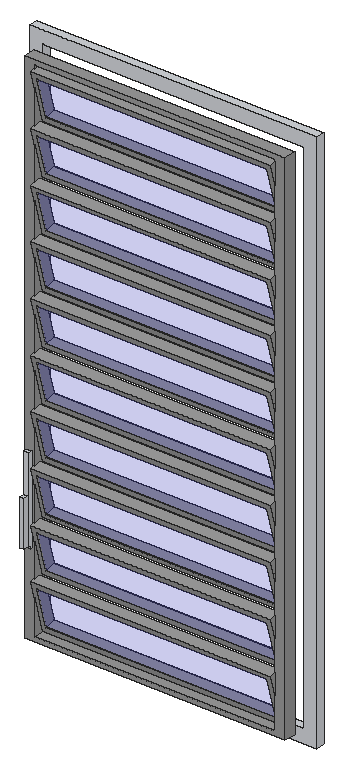
Revit family "Tairmo All-glass OL320", category Windows, host Wall, Revit 2014
Parameters
  PRACTICAL NUMBER OF BLADES = if(Blade_height = 220 mm, "Decrease blade number", if(Blade_height = 400 mm, "Add more blades", "OKAY"))  # "OKAY"
  No. of Blades = 10
  Numbers = if(No. of Blades < 2, 2, No. of Blades)  # 10
  Main_visible = No. of Blades < 2  # no
  Height = 3000 mm
  H2 = 27.5 mm
  H1 = 27.5 mm
  Glass_material = Glass
  Frame_material = Aluminum, Anodized Silver
  Depth = 66 mm
  Default Sill Height = 800 mm
  TrimProjection = 50 mm
  Wall Closure = By host
  Width = 1500 mm
  Blade_width = Actual_width - B1 - B2  # 1380 mm
  Blade_height = if(Actual_Blade_height < 220 mm, 220 mm, if(Actual_Blade_height > 400 mm, 400 mm, Actual_Blade_height))  # 292.14 mm
  Actuator_horizontal_position = Actual_width - B1 / 2  # 1470 mm
  Actuator(Electric, Manual, Pneumatic) = OL320 : OL320
  Actual_Blade_height = (Height - H1 - H2 - 11.8 mm - 11.8 mm) / No. of Blades  # 292.14 mm
  Blade_origin = (Actual_Blade_height / 2) + 11.8 mm  # 157.87 mm
  B2 = 60 mm
  B1 = 60 mm
  Array_visible = No. of Blades > 1  # yes
  Array_distance = Actual_Blade_height  # 292.14 mm
  Angle_ = if(Angle_opening > 89.00°, 89.00°, Angle_opening)  # 75.00°
  Angle_opening = 75.00°
  Actual_width = if(Width < 250 mm, 250 mm, if(Width > 2500 mm, 2500 mm, Width))  # 1500 mm
  Actual_height = if(Height < 290 mm, 290 mm, Height)  # 3000 mm
Reference planes
  plane 1 "Center (Front/Back)": y = 0
  plane 2 "Center (Left/Right)": x = 0
  plane 3 "Left": x = -750
  plane 4 "Right": x = 750
  plane 5 "Sill": z = 800
  plane 6 "Head": z = 3800
  plane 7 "Exterior": y = 100
  plane 8 "Interior": y = -100
  plane 9: x = -690
  plane 10: x = 690
  plane 11: z = 3772.5
  plane 12: z = 827.5
  plane 13: y = 7
Forms (mm)
  Extrusion 1, solid
    sketch origin (3500, 100, 0) x (-1, 0, 0) y (0, 0, 1)
      loop
        line (2750, 3800) -> (2750, 800) -> (4250, 800) -> (4250, 3800) -> (2750, 3800)
      loop
        line (2675, 3875) -> (2675, 725) -> (4325, 725) -> (4325, 3875) -> (2675, 3875)
    from 0 to 50
  Extrusion 2, solid, material "Aluminum, Anodized Silver" <- "Frame_material"
    sketch origin (0, 100, 0) x (1, 0, 0) y (0, 0, 1)
      loop
        line (750, 3800) -> (-750, 3800) -> (-750, 800) -> (750, 800) -> (750, 3800)
      loop
        line (690, 3772.5) -> (-690, 3772.5) -> (-690, 827.5) -> (690, 827.5) -> (690, 3772.5)
    from 67 to 133
Lines and regions (mm)
  Opening 1
    outline origin (3500, -100, 0) x (1, 0, 0) y (0, 0, 1)
      loop
        line (-2750, 800) -> (-2750, 3800) -> (-4250, 3800) -> (-4250, 800) -> (-2750, 800)
Text (mm)
  text "EXTERIOR" at (-1981.535, 863.181, 0), in view "Ref. Level"
  text "INTERIOR" at (-2017.992, -707.606, 0), in view "Ref. Level"
  text "Exterior" at (0, 923.751, 2943.296), in view "Right"
  text "Exterior" at (0, 1019.841, 2788.626), in view "Left"
Dimensions and locks
  equal spacing: plane 3 "Left", plane 2 "Center (Left/Right)", plane 4 "Right"
  "Actual_width": plane 3 "Left" to plane 4 "Right"
  "Actual_height": plane 5 "Sill" to plane 6 "Head"
  "Default Sill Height": plane 5 "Sill" to level
  "TrimProjection": Extrusion 1 to host wall
  plane 7 "Exterior" to host wall = 0 mm
  locked: plane 8 "Interior" to host wall
  "B2": plane 3 "Left" to plane 9
  "B1": plane 10 to plane 4 "Right"
  "H1": plane 11 to plane 6 "Head"
  "H2": plane 5 "Sill" to plane 12
  equal spacing: Extrusion 2, plane 1 "Center (Front/Back)", Extrusion 2
  "Depth": Extrusion 2 to Extrusion 2
  host wall to host wall = 4000 mm
  "Blade_origin": plane 12 to nested 1
  equal spacing: group 1, group 2, group 3, group 4, group 5, group 6, group 7, group 8, group 9, group 10  (x3)
  "Array_distance": nested 1 to nested 2
  "Blade_origin": plane 12 to nested 3
  "Actuator_horizontal_position": nested 12 to Extrusion 2
  aligned and locked: Extrusion 2 sketch curve to host wall  (x4)
  aligned and locked: Extrusion 2 sketch curve to plane 11
  aligned and locked: Extrusion 2 sketch curve to plane 10
  aligned and locked: plane 12 to Extrusion 2 sketch curve
  aligned and locked: Extrusion 2 sketch curve to plane 9
Automatic sketch dimensions
  Opening 1 sketch curve to plane 3 "Left" = 0 mm
  Opening 1 sketch curve to plane 4 "Right" = 0 mm
  Opening 1 sketch curve to plane 5 "Sill" = 0 mm
  Opening 1 sketch curve to plane 6 "Head" = 0 mm
  Extrusion 1 sketch curve to plane 4 "Right" = 0 mm
  Extrusion 1 sketch curve to plane 3 "Left" = 0 mm
  Extrusion 1 sketch curve to plane 4 "Right" = 75 mm
  plane 3 "Left" to Extrusion 1 sketch curve = 75 mm
  Extrusion 1 sketch curve to plane 5 "Sill" = 0 mm
  Extrusion 1 sketch curve to plane 6 "Head" = 0 mm
  Extrusion 1 sketch curve to Extrusion 1 sketch curve = 75 mm
  Extrusion 1 sketch curve to plane 6 "Head" = 75 mm
Nested families
  nested 1: "Tairmo All-glass _blade" at (0, 7, 985.37) x (0, -1, 0) z (-1, 0, 0), visible <- "Array_visible", type "Tairmo All-glass _blade_array"
  nested 2: "Tairmo All-glass _blade" at (0, 7, 1277.51) x (0, -1, 0) z (-1, 0, 0), visible <- "Array_visible", type "Tairmo All-glass _blade_array"
  nested 3: "Tairmo All-glass _blade" at (0, 7, 985.37) x (0, -1, 0) z (-1, 0, 0), visible <- "Main_visible", type "Tairmo All-glass _blade_main"
  nested 4: "Tairmo All-glass _blade" at (0, 7, 1569.65) x (0, -1, 0) z (-1, 0, 0), visible <- "Array_visible", type "Tairmo All-glass _blade_array"
  nested 5: "Tairmo All-glass _blade" at (0, 7, 1861.79) x (0, -1, 0) z (-1, 0, 0), visible <- "Array_visible", type "Tairmo All-glass _blade_array"
  nested 6: "Tairmo All-glass _blade" at (0, 7, 2153.93) x (0, -1, 0) z (-1, 0, 0), visible <- "Array_visible", type "Tairmo All-glass _blade_array"
  nested 7: "Tairmo All-glass _blade" at (0, 7, 2446.07) x (0, -1, 0) z (-1, 0, 0), visible <- "Array_visible", type "Tairmo All-glass _blade_array"
  nested 8: "Tairmo All-glass _blade" at (0, 7, 2738.21) x (0, -1, 0) z (-1, 0, 0), visible <- "Array_visible", type "Tairmo All-glass _blade_array"
  nested 9: "Tairmo All-glass _blade" at (0, 7, 3030.35) x (0, -1, 0) z (-1, 0, 0), visible <- "Array_visible", type "Tairmo All-glass _blade_array"
  nested 10: "Tairmo All-glass _blade" at (0, 7, 3322.49) x (0, -1, 0) z (-1, 0, 0), visible <- "Array_visible", type "Tairmo All-glass _blade_array"
  nested 11: "Tairmo All-glass _blade" at (0, 7, 3614.63) x (0, -1, 0) z (-1, 0, 0), visible <- "Array_visible", type "Tairmo All-glass _blade_array"
  nested 12: "OL320" at (-720, -33, 1277.51) x (0, -1, 0) z (0, 0, 1), type <- "Actuator(Electric, Manual, Pneumatic)", type "OL320"
Definition of nested family "Tairmo All-glass _blade"
  Parameters (values of type "Tairmo All-glass _blade_main")
    angle = 75.00°
    Glass_wall_depth = 60 mm
    Blade_width = 1380 mm
    Glass_wall_material = Aluminum, Anodized Silver
    Glass_wall_thickness = 29 mm
    Glass_thickness = 53 mm
    Glass_material = Glass
    Blade_height = 292.14 mm
  Types (2): name
    Tairmo All-glass _blade_main
    Tairmo All-glass _blade_array
  Reference planes
    plane 1 "Center (Front/Back)": y = 0
    plane 2: z = 0
    plane 3 "Center (Left/Right)": x = 0
  Forms (mm)
    Extrusion 1, solid, material "Glass" <- "Glass_material"
      sketch origin (-160.607, -947.127, 0) x (0.258819, 0.965926, 0) y (-0.965926, 0.258819, 0)
        loop
          line (839.353, 116.5) -> (839.353, 63.5) -> (1073.493, 63.5) -> (1073.493, 116.5) -> (839.353, 116.5)
      from -661 to 661
    Extrusion 2, solid, material "Aluminum, Anodized Silver" <- "Glass_wall_material"
      sketch origin (0, 0, 0) x (0.258819, 0.965926, 0) y (0, 0, 1)
        loop
          line (146.07, 690) -> (-146.07, 690) -> (-146.07, -690) -> (146.07, -690) -> (146.07, 690)
        loop
          line (117.07, 661) -> (-117.07, 661) -> (-117.07, -661) -> (117.07, -661) -> (117.07, 661)
      from -30 to 30
  Lines and regions (mm)
    reference lines
      curve 1: line (0, 0, 0) -> (776.457, 2897.777, 0)
  Dimensions and locks
    equal spacing: Extrusion 1, curve 1, Extrusion 1
    "Glass_thickness": Extrusion 1 to Extrusion 1
    equal spacing: Extrusion 2, curve 1, Extrusion 2  (x5)
    "Glass_wall_depth": Extrusion 2 to Extrusion 2  (x2)
    "Glass_wall_thickness": Extrusion 2 to Extrusion 2  (x4)
    "Blade_height": Extrusion 2 to Extrusion 2
    "Blade_width": Extrusion 2 to Extrusion 2
    "angle": angle plane 1 "Center (Front/Back)" to curve 1
    aligned and locked: level to plane 2
    aligned and locked: plane 3 "Center (Left/Right)" to curve 1
    aligned and locked: plane 1 "Center (Front/Back)" to curve 1
    aligned and locked: Extrusion 2 to Extrusion 1  (x4)
  Automatic sketch dimensions
    curve 1 to Extrusion 1 sketch curve = 26.5 mm
    Extrusion 1 sketch curve to curve 1 = 117.07 mm
    curve 1 to Extrusion 1 sketch curve = 117.07 mm
    Extrusion 1 sketch curve to curve 1 = 26.5 mm
    Extrusion 2 sketch curve to curve 1 = 146.07 mm
    Extrusion 2 sketch curve to Extrusion 2 sketch curve = 29 mm  (x4)
    curve 1 to Extrusion 2 sketch curve = 117.07 mm
    Extrusion 2 sketch curve to curve 1 = 690 mm
    curve 1 to Extrusion 2 sketch curve = 661 mm
Definition of nested family "OL320"
  Reference planes
    plane 1 "Center (Front/Back)": y = 0
    plane 2: z = 0
    plane 3 "Center (Left/Right)": x = 0
  Forms (mm)
    Extrusion 1, solid
      sketch origin (0, 0, 0) x (-1, 0, 0) y (0, 0, 1)
        loop
          line (-25.1, 500.56) -> (-25.1, 17) -> (-11, 17) -> (-6, 0) -> (0, 0) -> (0, 500.56) -> (-25.1, 500.56)
      from -13 to 13
    Extrusion 2, solid
      sketch origin (0, 0, 0) x (-1, 0, 0) y (0, 0, 1)
        loop
          line (-25.1, 39) -> (-25.1, 165) -> (-28.7, 165) -> (-28.7, 279) -> (-56.7, 279) -> (-56.7, 17.5) -> (-28.7, 17.5) -> (-28.7, 39) -> (-25.1, 39)
      from -10 to 10
  Dimensions and locks
    aligned and locked: level to plane 2
